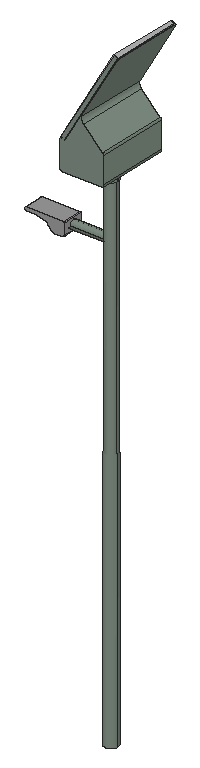
Revit family "Farola Solar Moon S verde bosque", category Luminarias, Revit 2021
Family settings
  Cota de conector redondo = Diámetro de uso
  Tipo de pieza = Normal
  Se basa en plano de trabajo = No
  Siempre vertical = Sí
  Corte con vacíos al cargar = No
  Origen de luz = No
  Compartido = Sí
  Punto de cálculo de habitación = No
Parameters (values of type "Farola Olintu S pintura gris")
  URL producto = "https://ekiona.com/farolas-solares/serie-moon/"
  URL = "https://www.ekiona.com/"
  Teléfono de contacto = "(+34) 943 30 80 51"
  Keynote = ""
  Modelo = "Modelo Moon"
  Marcado CE = "SÍ"
  Garantía = "5 años"
  Gama de colores = "Blanco, Negro, Gris, Verde bosque, acero galvanizado"
  Gama de acabados = "Galvanizado, Fibra de vidrio, Aluminio"
  Fabricante = "Ekiona"
  Elevación por defecto = 2000 mm
  E-mail de contacto = "info@ekiona.com"
  Distancia inserto-columa = Altura columna planos - 136 mm  # 3864 mm
  Distancia brazo-final de columna = Altura columna planos - 500 mm  # 3500 mm
  Dirección = "Parque Tecnológico Miramón - Paseo Mikeletegi 56 - 20009 Donostia/San Sebastián"
  Descripción de la empresa = "Diseñamos, desarrollamos, fabricamos y comercializamos farolas solares que se adaptan a cualquier necesidad."
  Descripción = "Farola solar compacta y estética, la unión entre eficiencia y diseño"
  Clase eficiencia energética = "A++"
  Altura columna extremos = 4000 mm
  Altura columna planos = Altura columna extremos  # 4000 mm
Types (3, lengths in mm): name | URL producto | Modelo | Garantía | Gama de colores | Gama de acabados | Dirección | Descripción de la empresa | Descripción
  (no name) | "https://ekiona.com/farolas-solares/serie-moon/" | "Modelo Moon" | "5 años" | "Blanco, Negro, Gris, Verde bosque, acero galvanizado" | "Galvanizado, Fibra de vidrio, Aluminio" | "Parque Tecnológico Miramón - Paseo Mikeletegi 56 - 20009 Donostia/San Sebastián" | "Diseñamos, desarrollamos, fabricamos y comercializamos farolas solares que se adaptan a cualquier necesidad." | "Farola solar compacta y estética, la unión entre eficiencia y diseño"
  Farola Olintu S pintura blanca | "https://ekiona.com/farolas-solares/serie-olintu/" | "Modelo Olintu" | "2 años" | "" | "" | "" | "" | "Farola solar que combina diseño y eficencia"
  Farola Olintu S pintura gris | "https://ekiona.com/farolas-solares/serie-moon/" | "Modelo Moon" | "5 años" | "Blanco, Negro, Gris, Verde bosque, acero galvanizado" | "Galvanizado, Fibra de vidrio, Aluminio" | "Parque Tecnológico Miramón - Paseo Mikeletegi 56 - 20009 Donostia/San Sebastián" | "Diseñamos, desarrollamos, fabricamos y comercializamos farolas solares que se adaptan a cualquier necesidad." | "Farola solar compacta y estética, la unión entre eficiencia y diseño"
Reference planes
  plane 1 "Center (Front/Back)": y = 0
  plane 2: z = 0
  plane 3 "Center (Left/Right)": x = 0
  plane 4: z = 4000
  plane 5: z = 3500
Dimensions and locks
  "Altura columna planos": plane 2 to plane 4
  "Distancia brazo-final de columna": level to plane 5
  "Distancia inserto-columa": level to nested 3
  aligned and locked: level to plane 2
  aligned and locked: plane 5 to nested 2
Nested families
  nested 1: "Columna Moon S verde bosque" at (5, 0, 0), Altura columna <- "Altura columna extremos", type "Columna 4m"
  nested 2: "Luminaria Moon S verde bosque" at (5, 0, 3451.464), type "Luminaria 20W"
  nested 3: "Tolva Moon S verde bosque" at (5, 340, 2524.796), type "Tolva Moon S verde bosque"
Definition of nested family "Columna Moon S verde bosque"
  Parameters (values of type "Columna 5m")
    Øsuperior columna = 88 mm
    Øinferior columna = 115 mm
    Material columna = none
    Default Elevation = 0 mm
    Altura columna [instance] = 5000 mm
  Types (3, lengths in mm): name | Øinferior columna | Altura columna
    Columna 5m | 115 | 5000
    Columna 4m | 105 | 4000
    Columna 3m | 115 | 3000
  Reference planes
    plane 1 "Center (Front/Back)": y = 0
    plane 2: z = 0
    plane 3 "Center (Left/Right)": x = 0
    plane 4: z = 5000
  Forms (mm)
    Blend 1, solid, material <- "Material columna"
      base sketch origin (0, 0, 0) x (1, 0, 0) y (0, 1, 0)
        loop
          circle (0.091, 0.421) r 57.5
      top sketch origin (0, 0, 0) x (1, 0, 0) y (0, 1, 0)
        loop
          circle (0.091, 0.421) r 44
      from 0 to 5000
  Dimensions and locks
    "Altura columna": plane 4 to level
    "Øinferior columna": diameter of Blend 1 sketch curve
    "Øsuperior columna": diameter of Blend 1 sketch curve
    aligned and locked: level to plane 2
    aligned and locked: plane 4 to Blend 1
  Automatic sketch dimensions
    plane 3 "Center (Left/Right)" to Blend 1 sketch curve = 0.091 mm  (x2)
    Blend 1 sketch curve to plane 1 "Center (Front/Back)" = 0.421 mm  (x2)
Definition of nested family "Luminaria Moon S verde bosque"
  Parameters (values of type "Luminaria 50W")
    Tilt Angle = 70.00°
    built-in parameter 1010506 = 0.34907 (stored number, unit not read)
    built-in parameter 1010507 = 1.2217 (stored number, unit not read)
    Wattage = 50 W
    built-in parameter 1150107 = 3000 (stored number, unit not read)
    built-in parameter 1150110 = 1 (stored number, unit not read)
    built-in parameter 1150109 = 1 (stored number, unit not read)
    built-in parameter 1150112 = 1 (stored number, unit not read)
    built-in parameter 1150113 = 1 (stored number, unit not read)
    built-in parameter 1114218 = 1 (stored number, unit not read)
    built-in parameter 1150137 = (empty or 0)
    built-in parameter 1150132 = (empty or 0)
    Material luminaria = none
    Material brazo = none
    Material LED = none
    Light Source Symbol Length = 3048 mm
    built-in parameter 1150105 = 60769.7 (stored number, unit not read)
    built-in parameter 1150102 = (empty or 0)
    built-in parameter 1150106 = 607.7 (stored number, unit not read)
    Emit Shape Visible in Rendering = no
    Lumens = 8250 lm
    Color Filter = 16777215
    built-in parameter 1114217 = 0.7 (stored number, unit not read)
    built-in parameter 1150139 = (empty or 0)
    Default Elevation = 0 mm
    built-in parameter 1150104 = 15.329 (stored number, unit not read)
    Emit from Circle Diameter = 50 mm
    built-in parameter 1150115 = 1 (stored number, unit not read)
    built-in parameter 1150114 = 1 (stored number, unit not read)
    built-in parameter 1150138 = (empty or 0)
    built-in parameter 1150134 = (empty or 0)
    Dimming Lamp Color Temperature Shift = (empty or 0)
    built-in parameter 1150133 = 10 (stored number, unit not read)
  Types (4, lengths in mm): name | Wattage | built-in parameter 1150105 | built-in parameter 1150106 | Lumens
    Luminaria 30W | 30 W | 36461.8 (stored number, unit not read) | 364.62 (stored number, unit not read) | 4950 lm
    Luminaria 20W | 20 W | 24307.9 (stored number, unit not read) | 243.08 (stored number, unit not read) | 3300 lm
    Luminaria 40W | 40 W | 48615.8 (stored number, unit not read) | 486.16 (stored number, unit not read) | 6600 lm
    Luminaria 50W | 50 W | 60769.7 (stored number, unit not read) | 607.7 (stored number, unit not read) | 8250 lm
  Reference planes
    plane 1 "Center (Front/Back)": y = 0
    plane 2: z = 0
    plane 3 "Center (Left/Right)": x = 0
  Forms (mm)
    Revolve 1, solid, material <- "Material brazo"
      sketch origin (303.946, 1.989, 0) x (1, 0, 0) y (0, 1, 0)
        loop
          line (-608.495, 30) -> (-302.022, 30) -> (-302.022, 33.284) -> (-608.495, 33.284) -> (-608.495, 30)
        axis (-608.495, 0) -> (-302.022, 0)
      angle from 0 to 360
    Revolve 2, solid, material <- "Material LED"
      sketch origin (687.978, 0, -3.572) x (1, 0, 0) y (0, 0, 1)
        loop
          arc (-1192.369, 27.257) -> (-1185.047, 9.579) -> (-1167.369, 2.257) r 25
          line (-1167.369, 2.257) -> (-1167.369, 27.257) -> (-1192.369, 27.257)
        axis (-1167.369, 27.257) -> (-1167.369, 2.257)
      angle from 0 to 360
    Extrusion 3, solid, material <- "Material luminaria"
      sketch origin (238.457, 170, 0) x (1, 0, 0) y (0, 0, 1)
        loop
          arc (-530.557, 45) -> (-532.034, 47.059) -> (-534.093, 48.536) r 7.795
          line (-534.093, 48.536) -> (-819.093, 48.536)
          arc (-819.093, 48.536) -> (-830.585, 37.044) -> (-819.093, 25.552) r 11.492
          line (-819.093, 25.552) -> (-754.765, 25.552)
          arc (-754.765, 25.552) -> (-719.662, 20.455) -> (-685.221, 11.966) r 364.063
          arc (-685.221, 11.966) -> (-667.18, 1.896) -> (-655.103, -14.869) r 47.612
          arc (-655.103, -14.869) -> (-633.37, -40.263) -> (-603.441, -55.142) r 83.798
          arc (-603.441, -55.142) -> (-569.333, -56.37) -> (-535.764, -50.207) r 157.18
          arc (-535.764, -50.207) -> (-532.082, -48.682) -> (-530.557, -45) r 5.207
          line (-530.557, -45) -> (-530.557, 45)
      from 95.307 to 250
  Dimensions and locks
    aligned and locked: level to plane 2
Definition of nested family "Tolva Moon S verde bosque"
  Parameters (values of type "Tolva Moon S verde bosque")
    Model = "Tolva Olintu"
    Material inserto = none
    Material estructura base = none
    Manufacturer = "Ekiona"
    Default Elevation = 0 mm
    Ancho panel = 545 mm
  Reference planes
    plane 1 "Center (Front/Back)": y = 0
    plane 2: z = 0
    plane 3 "Center (Left/Right)": x = 0
    plane 4 "paralelo a vista izq": y = -337.5
    plane 5 "Plano 1": through (259.959, -25, 3493.187) normal (-0.5, 0, 0.866)
    plane 6: through (97.83, 0, 2130.088) normal (-0.866, 0, 0.5)
  Forms (mm)
    Revolve 1, solid, material <- "Material inserto"
      sketch origin (0, 0, -386.551) x (0, 1, 0) y (0, 0, 1)
        loop
          line (-287.5, 2035.827) -> (-287.5, 1725.755) -> (-284.5, 1725.755) -> (-284.5, 2035.827) -> (-287.5, 2035.827)
        axis (-337.5, 2035.827) -> (-337.5, 1725.755)
      angle from 0 to 360
    Extrusion 2, solid, not visible
      sketch origin (124.705, 0, 1465.982) x (1, 0, 0) y (0, 0, 1)
        loop
          line (25.298, 2103.034) -> (-292.965, 1551.785) -> (-241.004, 1521.785) -> (77.26, 2073.034) -> (25.298, 2103.034)
      from 70.047 to 615.047
    Extrusion 3, void, not visible
      sketch origin (-63.196, 0, 1140.322) x (1, 0, 0) y (0, 0, 1)
        loop
          line (224.128, 2422.685) -> (236.948, 2349.979) -> (276.798, 2419.002) -> (224.128, 2422.685)
      from 0 to 675
    Extrusion 4, void, not visible
      sketch origin (124.705, 0, 1465.982) x (1, 0, 0) y (0, 0, 1)
        loop
          line (-212.839, 1570.569) -> (-289.787, 1549.95) -> (-300.47, 1528.787) -> (-231.188, 1488.787) -> (-191.188, 1558.069) -> (-212.839, 1570.569)
      from 0 to 675
    Extrusion 5, solid, not visible
      sketch origin (-63.252, 0, 1140.601) x (1, 0, 0) y (0, 0, 1)
        loop
          line (212.635, 2427.51) -> (224.709, 2420.539) -> (237.206, 2349.669) -> (152.052, 2202.179) -> (153.752, 2201.197) -> (239.192, 2349.183) -> (226.372, 2421.888) -> (213.635, 2429.242) -> (212.635, 2427.51)
      from 70.047 to 615.047
    Extrusion 6, solid, not visible
      sketch origin (124.679, 0, 1466.114) x (1, 0, 0) y (0, 0, 1)
        loop
          line (-35.879, 1876.666) -> (-212.705, 1570.395) -> (-289.813, 1549.734) -> (-293.065, 1551.612) -> (-294.068, 1549.876) -> (-290.068, 1547.567) -> (-211.46, 1568.63) -> (-34.182, 1875.686) -> (-35.879, 1876.666)
      from 70.047 to 615.047
    Extrusion 7, solid, not visible
      sketch origin (124.769, 0, 1465.921) x (1, 0, 0) y (0, 0, 1)
        loop
          line (-292.965, 1551.785) -> (25.035, 2102.578) -> (-5.276, 2120.078) -> (-323.276, 1569.285) -> (-292.965, 1551.785)
      from 70.047 to 615.047
    Extrusion 8, void, not visible
      sketch origin (-1013.482, -34.1, 1392.821) x (0, 1, 0) y (0.5, 0, 0.866025)
        loop
          line (-463.861, 2321.81) -> (-416.148, 2321.81)
          arc (-416.148, 2321.81) -> (-419.48, 2339.286) -> (-430.409, 2353.323) r 37.954
          arc (-430.409, 2353.323) -> (-445.409, 2358.568) -> (-460.409, 2353.323) r 24.073
          arc (-460.409, 2353.323) -> (-471.433, 2339.075) -> (-474.645, 2321.349) r 37.954
          arc (-474.645, 2321.349) -> (-473.167, 2312.913) -> (-469.836, 2305.024) r 37.954
          arc (-469.836, 2305.024) -> (-441.562, 2289.96) -> (-416.017, 2309.293) r 29.744
          line (-416.017, 2309.293) -> (-423.962, 2312.74)
          arc (-423.962, 2312.74) -> (-442.617, 2300.75) -> (-461.255, 2312.766) r 20.484
          arc (-461.255, 2312.766) -> (-462.888, 2317.193) -> (-463.861, 2321.81) r 32.425
        loop
          line (-462.861, 2331.038) -> (-427.861, 2331.038)
          arc (-427.861, 2331.038) -> (-445.361, 2348.538) -> (-462.861, 2331.038) r 17.5
        loop
          line (-407.152, 2354.99) -> (-407.152, 2299.99)
          arc (-407.152, 2299.99) -> (-401.908, 2294.747) -> (-396.665, 2299.99) r 5.244
          line (-396.665, 2299.99) -> (-396.665, 2315.008) -> (-387.196, 2324.476) -> (-367.121, 2295.806)
          arc (-367.121, 2295.806) -> (-360.158, 2294.578) -> (-358.93, 2301.542) r 5
          line (-358.93, 2301.542) -> (-380.016, 2331.656) -> (-362.339, 2349.334)
          arc (-362.339, 2349.334) -> (-362.339, 2357.323) -> (-370.328, 2357.323) r 5.649
          line (-370.328, 2357.323) -> (-396.665, 2330.986) -> (-396.665, 2354.99)
          arc (-396.665, 2354.99) -> (-401.908, 2360.234) -> (-407.152, 2354.99) r 5.244
        loop
          line (-345.695, 2330.348) -> (-345.695, 2298.296)
          arc (-345.695, 2298.296) -> (-340.695, 2293.296) -> (-335.695, 2298.296) r 5
          line (-335.695, 2298.296) -> (-335.695, 2330.348)
          arc (-335.695, 2330.348) -> (-340.695, 2335.348) -> (-345.695, 2330.348) r 5
        loop
          arc (-313.958, 2351.943) -> (-322.635, 2348.932) -> (-329.497, 2355.038) r 9.076
          arc (-329.497, 2355.038) -> (-336.449, 2361.579) -> (-345.695, 2359.211) r 9.903
          arc (-345.695, 2359.211) -> (-348.682, 2355.086) -> (-349.922, 2350.147) r 13.45
          arc (-349.922, 2350.147) -> (-346.706, 2343.243) -> (-339.177, 2342.089) r 8.071
          arc (-339.177, 2342.089) -> (-335.695, 2342.685) -> (-332.214, 2342.089) r 10.463
          arc (-332.214, 2342.089) -> (-327.031, 2338.208) -> (-325.061, 2332.04) r 10.635
          arc (-325.061, 2332.04) -> (-262.525, 2310.202) -> (-313.958, 2351.943) r 33.621
        loop
          line (-250.357, 2353.481) -> (-250.357, 2298.481)
          arc (-250.357, 2298.481) -> (-243.625, 2291.749) -> (-236.893, 2298.481) r 6.732
          line (-236.893, 2298.481) -> (-236.893, 2343.466)
          arc (-236.893, 2343.466) -> (-229.971, 2349.019) -> (-221.459, 2351.529) r 22.933
          arc (-221.459, 2351.529) -> (-212.902, 2347.984) -> (-209.357, 2339.427) r 12.102
          line (-209.357, 2339.427) -> (-209.357, 2298.481)
          arc (-209.357, 2298.481) -> (-203.024, 2292.148) -> (-196.691, 2298.481) r 6.333
          line (-196.691, 2298.481) -> (-196.691, 2339.905)
          arc (-196.691, 2339.905) -> (-198.028, 2347.169) -> (-201.863, 2353.481) r 20.404
          arc (-201.863, 2353.481) -> (-219.569, 2360.932) -> (-237.793, 2354.854) r 27.258
          arc (-237.793, 2354.854) -> (-244.69, 2359.8) -> (-250.357, 2353.481) r 6.357
        loop
          arc (-184.719, 2344.597) -> (-181.441, 2338.502) -> (-174.681, 2339.98) r 5.745
          arc (-174.681, 2339.98) -> (-169.693, 2349.593) -> (-159.36, 2352.836) r 14.106
          arc (-159.36, 2352.836) -> (-151.076, 2350.212) -> (-144.661, 2344.349) r 20.193
          line (-144.661, 2344.349) -> (-144.661, 2338.186)
          arc (-144.661, 2338.186) -> (-158.183, 2333.475) -> (-172.248, 2330.794) r 97.575
          arc (-172.248, 2330.794) -> (-181.869, 2326.808) -> (-185.855, 2317.187) r 13.607
          arc (-185.855, 2317.187) -> (-186.09, 2312.502) -> (-186.044, 2307.811) r 78.299
          arc (-186.044, 2307.811) -> (-182.313, 2300.899) -> (-176.154, 2296.024) r 19.471
          arc (-176.154, 2296.024) -> (-166.154, 2293.649) -> (-156.154, 2296.024) r 22.235
          arc (-156.154, 2296.024) -> (-150.683, 2299.242) -> (-145.676, 2303.144) r 48.757
          line (-145.676, 2303.144) -> (-145.676, 2297.176)
          arc (-145.676, 2297.176) -> (-140.801, 2292.301) -> (-135.926, 2297.176) r 4.875
          line (-135.926, 2297.176) -> (-135.926, 2347.483)
          arc (-135.926, 2347.483) -> (-140.108, 2354.143) -> (-146.491, 2358.739) r 20.503
          arc (-146.491, 2358.739) -> (-158.534, 2361.376) -> (-170.577, 2358.739) r 28.822
          arc (-170.577, 2358.739) -> (-178.914, 2352.934) -> (-184.719, 2344.597) r 28.822
        loop
          arc (-144.661, 2330.676) -> (-156.177, 2325.488) -> (-168.693, 2323.785) r 44.019
          arc (-168.693, 2323.785) -> (-173.358, 2321.852) -> (-175.29, 2317.187) r 6.598
          arc (-175.29, 2317.187) -> (-175.527, 2313.145) -> (-175.29, 2309.103) r 34.669
          arc (-175.29, 2309.103) -> (-173.729, 2305.335) -> (-169.961, 2303.774) r 5.329
          arc (-169.961, 2303.774) -> (-163.465, 2302.436) -> (-156.969, 2303.774) r 16.436
          arc (-156.969, 2303.774) -> (-150.056, 2308.034) -> (-144.661, 2314.101) r 27.926
          line (-144.661, 2314.101) -> (-144.661, 2330.676)
      from -19.407 to 3
    Revolve 9, solid, not visible
      sketch origin (0, 0, 1241.412) x (0, 1, 0) y (0, 0, 1)
        loop
          line (-287.5, 2035.827) -> (-287.5, 1725.755) -> (-284.5, 1725.755) -> (-284.5, 2035.827) -> (-287.5, 2035.827)
        axis (-337.5, 2035.827) -> (-337.5, 1725.755)
      angle from 0 to 360
    Extrusion 10, solid, not visible
      sketch origin (128.943, 0, 6.927) x (1, 0, 0) y (0, 0, 1)
        loop
          line (25.298, 2103.034) -> (-292.965, 1551.785) -> (-241.004, 1521.785) -> (77.26, 2073.034) -> (25.298, 2103.034)
      from 70.047 to 615.047
    Extrusion 11, solid, not visible
      sketch origin (-59.014, 0, -318.454) x (1, 0, 0) y (0, 0, 1)
        loop
          line (212.635, 2427.51) -> (224.709, 2420.539) -> (237.206, 2349.669) -> (152.052, 2202.179) -> (153.752, 2201.197) -> (239.192, 2349.183) -> (226.372, 2421.888) -> (213.635, 2429.242) -> (212.635, 2427.51)
      from 70.047 to 615.047
    Extrusion 12, solid, not visible
      sketch origin (128.918, 0, 7.059) x (1, 0, 0) y (0, 0, 1)
        loop
          line (-35.879, 1876.666) -> (-212.705, 1570.395) -> (-289.813, 1549.734) -> (-293.065, 1551.612) -> (-294.068, 1549.876) -> (-290.068, 1547.567) -> (-211.46, 1568.63) -> (-34.182, 1875.686) -> (-35.879, 1876.666)
      from 70.047 to 615.047
    Revolve 13, solid, not visible
      sketch origin (0, 0, -217.643) x (0, 1, 0) y (0, 0, 1)
        loop
          line (-287.5, 2035.827) -> (-287.5, 1725.755) -> (-284.5, 1725.755) -> (-284.5, 2035.827) -> (-287.5, 2035.827)
        axis (-337.5, 2035.827) -> (-337.5, 1725.755)
      angle from 0 to 360
    Extrusion 14, solid
      sketch origin (106.298, 0, 251.777) x (1, 0, 0) y (0, 0, 1)
        loop
          line (160.132, 2120.334) -> (134.151, 2135.334) -> (-268.349, 1438.184) -> (-242.368, 1423.184) -> (160.132, 2120.334)
      from 72.309 to 613.86
    Extrusion 15, solid, material <- "Material estructura base"
      sketch origin (0, 0, 0) x (1, 0, 0) y (0, 0, 1)
        loop
          arc (147.315, 1456.297) -> (160.446, 1461.736) -> (165.885, 1474.867) r 18.569
          line (165.885, 1474.867) -> (165.885, 1674.867)
          arc (165.885, 1674.867) -> (163.765, 1685.3) -> (157.744, 1694.079) r 26.74
          line (157.744, 1694.079) -> (12.787, 1839.036)
          arc (12.787, 1839.036) -> (-0.782, 1863.06) -> (0, 1890.64) r 51.489
          line (0, 1890.64) -> (275.091, 2367.111) -> (244.78, 2384.611) -> (-167.647, 1670.268)
          arc (-167.647, 1670.268) -> (-169.408, 1662.657) -> (-170, 1654.867) r 51.572
          line (-170, 1654.867) -> (-170, 1477.511)
          arc (-170, 1477.511) -> (-163.787, 1462.511) -> (-148.787, 1456.297) r 21.213
          line (-148.787, 1456.297) -> (147.315, 1456.297)
      from 70.047 to 615.047
  Dimensions and locks
    Revolve 1 sketch curve to Revolve 1 sketch curve = 50 mm
    Revolve 1 sketch curve to Revolve 1 sketch curve = 53 mm
    Revolve 13 sketch curve to Revolve 13 sketch curve = 50 mm
    Revolve 13 sketch curve to Revolve 13 sketch curve = 53 mm
    Extrusion 15 to Extrusion 14 = 805 mm
    aligned and locked: level to plane 2
